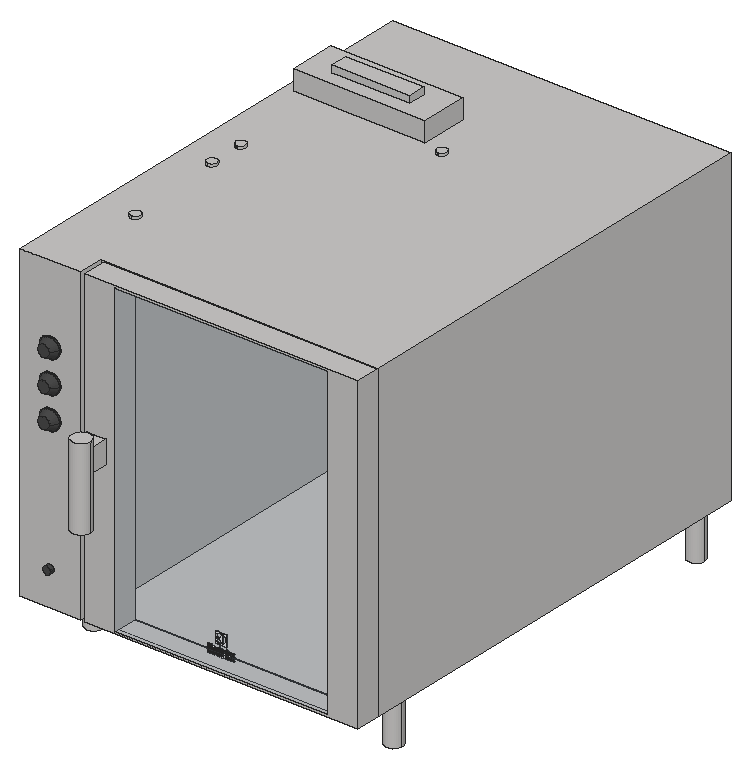
Revit family "QF_ELECTROLUXPROFESSIONAL_260827_EFCG12CSBS", category Attrezzature speciali, Revit 2018
Family settings
  Quota connettore circolare = Usa diametro
  Tipo di parte = Normale
  Basato su piano di lavoro = No
  Sempre verticale = Sì
  Taglio con vuoti quando caricato = No
  Condiviso = No
  Punto di calcolo locali = No
Parameters (values of type "Standard")
  Weight = 154.00 kg
  Watts = 500 W
  Volts = 220 V
  URL Manufacturer = "https://www.electroluxprofessional.com/"
  URL = "https://www.electroluxprofessional.com/"
  Steam Supply Size = 0 mm
  Steam Supply Minimum Pressure = 0.0 Pa
  Steam Supply Maximum Pressure = 0.0 Pa
  Steam Consumption per Hour = 0
  Show Logo [instance] = yes
  Show Clearance [instance] = yes
  Refrigeration Suction Line Size = 0 mm
  Refrigeration Liquid Line Size = 0 mm
  Refrigerant Compressor Remote = yes
  Produttore = "Electrolux Professional"
  Phase = 1
  Modello = "EFCG12CSBS"
  Length Actual = 890 mm  # constant formula
  Item Number = "260827"
  Hot Water Size = 0 mm
  Height Actual = 970 mm  # constant formula
  HP = "0.7 HP"
  Gas Size = 12.7 mm
  Gas KW = 25
  Gas Input Pressure = 0.171871 W
  Direct Waste Size = 25 mm
  Descrizione = "CONVECTION OVEN CW 10 GN 2/1 - GAS - 60HZ"
  Depth Actual = 1215 mm  # constant formula
  Cycle = 60 Hz
  Condensate Return Size = 0 mm
  Compressed Air Volume = 0.0 L/s
  Compressed Air Size = 0 mm
  Compressed Air Pressure = 0.0 Pa
  Cold Water Size = 19.05 mm
  Accessory = yes
Types (2, lengths in mm): name | URL | Produttore | Phase | Modello | Gas Size | Direct Waste Size | Descrizione | Cold Water Size
  (no name) | 0 | 0 | 0 | 0 | 0 | 0 | 0 | 0
  Standard | "https://www.electroluxprofessional.com/" | "Electrolux Professional" | 1 | "EFCG12CSBS" | 12.7 | 25 | "CONVECTION OVEN CW 10 GN 2/1 - GAS - 60HZ" | 19.05
Values of the unnamed type that differ from the named types
  Weight = 0.00 kg
  Watts = 0 W
  Volts = 0 V
  URL Manufacturer = ""
  Item Number = ""
  HP = ""
  Gas KW = 0
  Gas Input Pressure = 0 W
  Cycle = 0 Hz
Reference planes
  plane 1 "Center X": y = -132.649
  plane 2: z = 0
  plane 3 "Center Y": x = -315
  plane 4 "LEFT": x = -760
  plane 5 "BACK": y = 479.851
  plane 6 "RIGHT": x = 130
  plane 7 "FRONT": y = -745.149
  plane 8: x = -710
  plane 9: y = 421.851
  plane 10: y = -680.149
  plane 11: x = 80
  plane 12: y = -1426.149
Forms (mm)
  Extrusion 1, solid, material "QF_Finishes_Stainless Steel"
    sketch origin (0, 0, 950) x (-1, 0, 0) y (0, -1, 0)
      loop
        line (760, -479.851) -> (760, 745.149) -> (600, 745.149) -> (600, 680.149) -> (-130, 680.149) -> (-130, -479.851) -> (760, -479.851)
    from 0 to -820
  Extrusion 2, solid, material "QF_Finishes_Stainless Steel"
    sketch origin (0, -745.149, -670) x (-1, 0, 0) y (0, 0, 1)
      loop
        line (590, 1620) -> (-130, 1620) -> (-130, 800) -> (590, 800) -> (590, 1620)
      loop
        line (510, 1615) -> (-50, 1615) -> (-50, 805) -> (510, 805) -> (510, 1615)
    from 0 to 65
  Extrusion 3, solid, material "QF_Finishes_Glass"
    sketch origin (0, -745.149, -670) x (-1, 0, 0) y (0, 0, 1)
      loop
        line (-50, 1615) -> (-50, 805) -> (510, 805) -> (510, 1615) -> (-50, 1615)
    from 0 to 9.69
  Extrusion 4, void
    sketch origin (-600, -680.149, 950) x (-1, 0, 0) y (0, 0, 1)
      loop
        line (-10, -5) -> (-650, -5) -> (-650, -815) -> (-10, -815) -> (-10, -5)
    from 0 to 1102
  Extrusion 5, solid, material "QF_Finishes_Stainless Steel"
    sketch origin (-32, -391, 955) x (0, -1, 0) y (-1, 0, 0)
      loop
        circle (-265.851, 643) r 13.25
    from 0 to 5
  Extrusion 6, solid, material "QF_Door-Drawer Clearances", visible <- "Show Clearance", detail levels coarse
    sketch origin (0, 0, 950) x (-1, 0, 0) y (0, -1, 0)
      loop
        arc (590, 745.149) -> (362.228, 1225.45) -> (-130, 1426.149) r 734.22
        line (-130, 1426.149) -> (-130, 745.149) -> (590, 745.149)
    from -820 to 0
  Extrusion 7, solid, material "QF_Finishes_Black"
    sketch origin (24, -745.149, -766.676) x (-1, 0, 0) y (0, 0, 1)
      loop
        circle (704, 1512.5) r 26.676
    from 0 to -3
  Blend 8, solid, material "QF_Finishes_Black"
    base sketch origin (-21, -745.149, -766.676) x (1, 0, 0) y (0, 0, 1)
      loop
        circle (-659, 1512.5) r 25
    top sketch origin (-21, -745.149, -766.676) x (1, 0, 0) y (0, 0, 1)
      loop
        circle (-659, 1512.5) r 15
    from 3 to 21.442
  Extrusion 9, solid, material "QF_Finishes_Black"
    sketch origin (24, -745.149, -851.676) x (-1, 0, 0) y (0, 0, 1)
      loop
        circle (704, 1512.5) r 26.676
    from 0 to -3
  Blend 10, solid, material "QF_Finishes_Black"
    base sketch origin (-21, -745.149, -851.676) x (1, 0, 0) y (0, 0, 1)
      loop
        circle (-659, 1512.5) r 25
    top sketch origin (-21, -745.149, -851.676) x (1, 0, 0) y (0, 0, 1)
      loop
        circle (-659, 1512.5) r 15
    from 3 to 21.442
  Extrusion 11, solid, material "QF_Finishes_Black"
    sketch origin (24, -745.149, -936.676) x (-1, 0, 0) y (0, 0, 1)
      loop
        circle (704, 1512.5) r 26.676
    from 0 to -3
  Blend 12, solid, material "QF_Finishes_Black"
    base sketch origin (-21, -745.149, -936.676) x (1, 0, 0) y (0, 0, 1)
      loop
        circle (-659, 1512.5) r 25
    top sketch origin (-21, -745.149, -936.676) x (1, 0, 0) y (0, 0, 1)
      loop
        circle (-659, 1512.5) r 15
    from 3 to 21.442
  Extrusion 13, solid, material "QF_Finishes_Stainless Steel"
    sketch origin (-17, -431, 955) x (0, -1, 0) y (-1, 0, 0)
      loop
        circle (59.149, 643) r 13.25
    from 0 to 5
  Extrusion 14, solid, material "QF_Finishes_Stainless Steel"
    sketch origin (309, 1.5, 955) x (0, -1, 0) y (-1, 0, 0)
      loop
        circle (-108.351, 643) r 13.25
    from 0 to 5
  Extrusion 15, solid, material "QF_Finishes_Stainless Steel"
    sketch origin (0, 0, 575) x (-1, 0, 0) y (0, -1, 0)
      loop
        circle (559.299, 795.149) r 25
    from -193.655 to 20
  Extrusion 16, solid, material "QF_Finishes_Stainless Steel"
    sketch origin (0, 0, 575) x (-1, 0, 0) y (0, -1, 0)
      loop
        line (534.299, 795.149) -> (534.299, 745.149) -> (584.299, 745.149) -> (584.299, 795.149)
        arc (584.299, 795.149) -> (559.299, 770.149) -> (534.299, 795.149) r 25
    from -55.026 to 5
  Extrusion 17, solid, material "QF_Finishes_Black"
    sketch origin (25, -795.149, -1017.5) x (-1, 0, 0) y (0, 0, 1)
      loop
        circle (705.941, 1240.523) r 10
    from 40 to 50
  Extrusion 18, solid, material "QF_Finishes_Stainless Steel"
    sketch origin (-122.755, -56.423, 1620) x (-1, 0, 0) y (0, -1, 0)
      loop
        line (611.245, -302.274) -> (611.245, -178.274) -> (265.245, -178.274) -> (265.245, -302.274) -> (611.245, -302.274)
    from -670 to -619
  Extrusion 19, solid, material "QF_Finishes_Stainless Steel"
    sketch origin (-122.755, -56.423, 1001) x (-1, 0, 0) y (0, -1, 0)
      loop
        line (541.245, -263.274) -> (541.245, -217.274) -> (335.245, -217.274) -> (335.245, -263.274) -> (541.245, -263.274)
    from 0 to 17
  Extrusion 20, solid, material "QF_Finishes_Stainless Steel"
    sketch origin (-32, -486, 955) x (0, -1, 0) y (-1, 0, 0)
      loop
        circle (-265.851, 643) r 13.25
    from 0 to 5
Cuts and joins
  Extrusion 4 cuts Extrusion 2
  Extrusion 4 cuts Extrusion 1
Lines and regions (mm)
  Split face 1
    outline origin (50, -745.149, 135) x (1, 0, 0) y (0, 0, 1)
      loop
        line (-546.223, 92.039) -> (-395, 92.039) -> (-366.716, 120.323) -> (-280, 120.323) -> (-193.284, 120.323) -> (-165, 92.039) -> (-13.777, 92.039) -> (-13.777, 732.039) -> (-546.223, 732.039) -> (-546.223, 92.039)
  Split face 2
    outline origin (-760, -745.149, 950) x (0, 0, -1) y (1, 0, 0)
      loop
        line (5, 15) -> (815, 15) -> (815, 145) -> (5, 145) -> (5, 15)
  Split face 3
    outline origin (-760, -745.149, 950) x (0, 0, -1) y (1, 0, 0)
      loop
        line (50, 15) -> (50, 145)
  Split face 4
    outline origin (-760, -745.149, 950) x (0, 0, -1) y (1, 0, 0)
      loop
        line (770, 15) -> (770, 145)
  Split face 5
    outline origin (-760, -745.149, 950) x (0, 0, -1) y (1, 0, 0)
      loop
        line (447.866, 50) -> (472.866, 50) -> (472.866, 110) -> (447.866, 110) -> (447.866, 50)
  symbolic lines
    curve 1: line (-760, -745.149, 1620) -> (-760, 479.851, 1620)
    curve 2: line (-760, 479.851, 1620) -> (130, 479.851, 1620)
    curve 3: line (-600, -680.149, 1620) -> (130, -680.149, 1620)
    curve 4: line (-600, -680.149, 1620) -> (-600, -745.149, 1620)
    curve 5: line (-760, -745.149, 1620) -> (130, -745.149, 1620)
    curve 6: line (-706.676, -748.149, 1620) -> (-653.324, -748.149, 1620)
    curve 7: line (-695, -766.591, 1620) -> (-665, -766.591, 1620)
    curve 8: line (-706.676, -748.149, 1620) -> (-706.676, -745.149, 1620)
    curve 9: line (-653.324, -748.149, 1620) -> (-653.324, -745.149, 1620)
    curve 10: line (-695, -766.591, 1620) -> (-705, -748.149, 1620)
    curve 11: line (-665, -766.591, 1620) -> (-655.006, -748.149, 1620)
    curve 12: line (130, 479.851, 1620) -> (130, -745.149, 1620)
    curve 14: arc (-534.299, -795.149, 1620) -> (-559.299, -770.149, 1620) -> (-584.299, -795.149, 1620) r 25
    curve 15: arc (-584.299, -795.149, 1620) -> (-559.299, -820.149, 1620) -> (-534.299, -795.149, 1620) r 25
    curve 16: line (-534.299, -795.149, 1620) -> (-534.299, -745.149, 1620)
    curve 17: line (-584.299, -745.149, 1620) -> (-584.299, -795.149, 1620)
    curve 19: line (-734, 245.851, 1620) -> (-388, 245.851, 1620)
    curve 20: line (-734, 121.851, 1620) -> (-734, 245.851, 1620)
    curve 21: line (-388, 121.851, 1620) -> (-734, 121.851, 1620)
    curve 22: line (-388, 245.851, 1620) -> (-388, 121.851, 1620)
    curve 23: line (-664, 206.851, 1620) -> (-458, 206.851, 1620)
    curve 24: line (-664, 160.851, 1620) -> (-664, 206.851, 1620)
    curve 25: line (-458, 160.851, 1620) -> (-664, 160.851, 1620)
    curve 26: line (-458, 206.851, 1620) -> (-458, 160.851, 1620)
  symbolic lines, style "QF_Door-Drawer Clearances"
    curve 13: line (130, -1426.149, 1620) -> (130, -745.149, 1620)
    curve 18: arc (-590, -745.149, 1620) -> (-362.228, -1225.45, 1620) -> (130, -1426.149, 1620) r 734.22
Dimensions and locks
  equal spacing: plane 4 "LEFT", plane 3 "Center Y", plane 6 "RIGHT"
  plane 4 "LEFT" to plane 6 "RIGHT" = 890 mm
  plane 5 "BACK" to plane 7 "FRONT" = 1225 mm
  equal spacing: plane 5 "BACK", plane 1 "Center X", plane 7 "FRONT"
  plane 5 "BACK" to plane 12 = 1906 mm
  Extrusion 6 to level = 130 mm
  Extrusion 6 to level = 950 mm
  aligned and locked: level to plane 2
  aligned and locked: Blend 8 to Extrusion 7
  aligned and locked: Blend 10 to Extrusion 9
  aligned and locked: Blend 12 to Extrusion 11
Automatic sketch dimensions
  Extrusion 1 sketch curve to plane 5 "BACK" = 0 mm
  Extrusion 1 sketch curve to plane 6 "RIGHT" = 0 mm
  Extrusion 1 sketch curve to plane 10 = 0 mm
  Extrusion 1 sketch curve to plane 7 "FRONT" = 0 mm
  Extrusion 1 sketch curve to plane 4 "LEFT" = 0 mm
  plane 8 to Extrusion 1 sketch curve = 110 mm
  Extrusion 2 sketch curve to plane 6 "RIGHT" = 0 mm
  Extrusion 2 sketch curve to plane 11 = 30 mm
  Extrusion 2 sketch curve to plane 3 "Center Y" = 195 mm
  Extrusion 2 sketch curve to Extrusion 2 sketch curve = 80 mm
  level to Extrusion 2 sketch curve = 130 mm
  Extrusion 2 sketch curve to Extrusion 2 sketch curve = 5 mm  (x2)
  Extrusion 2 sketch curve to Extrusion 2 sketch curve = 810 mm
  Extrusion 3 sketch curve to plane 11 = 30 mm
  Extrusion 3 sketch curve to plane 3 "Center Y" = 195 mm  (x2)
  level to Extrusion 3 sketch curve = 135 mm
  Extrusion 3 sketch curve to Extrusion 3 sketch curve = 810 mm
  Extrusion 4 sketch curve to plane 11 = 30 mm
  plane 8 to Extrusion 4 sketch curve = 120 mm
  level to Extrusion 4 sketch curve = 135 mm
  Extrusion 4 sketch curve to Extrusion 4 sketch curve = 810 mm
  Extrusion 5 sketch curve to plane 1 "Center X" = 7.5 mm
  plane 8 to Extrusion 5 sketch curve = 35 mm
  Extrusion 6 sketch curve to plane 6 "RIGHT" = 0 mm
  Extrusion 6 sketch curve to plane 7 "FRONT" = 0 mm
  Extrusion 6 sketch curve to plane 12 = 0 mm
  plane 6 "RIGHT" to Extrusion 6 sketch curve = 12.296 mm
  plane 8 to Extrusion 6 sketch curve = 120 mm
  plane 8 to Extrusion 7 sketch curve = 30 mm
  level to Extrusion 7 sketch curve = 745.824 mm
  Extrusion 2 to Blend 8 sketch curve = 90 mm  (x2)
  Extrusion 2 to Blend 8 sketch curve = 199.176 mm  (x2)
  plane 8 to Extrusion 9 sketch curve = 30 mm
  level to Extrusion 9 sketch curve = 660.824 mm
  Extrusion 2 to Blend 10 sketch curve = 90 mm  (x2)
  Extrusion 2 to Blend 10 sketch curve = 284.176 mm  (x2)
  plane 8 to Extrusion 11 sketch curve = 30 mm
  level to Extrusion 11 sketch curve = 575.824 mm
  Extrusion 2 to Blend 12 sketch curve = 90 mm  (x2)
  Extrusion 2 to Blend 12 sketch curve = 369.176 mm  (x2)
  plane 8 to Extrusion 13 sketch curve = 50 mm
  plane 10 to Extrusion 13 sketch curve = 190 mm
  Extrusion 14 sketch curve to plane 3 "Center Y" = 19 mm
  Extrusion 14 sketch curve to plane 1 "Center X" = 242.5 mm
  Extrusion 15 sketch curve to plane 7 "FRONT" = 50 mm
  plane 8 to Extrusion 15 sketch curve = 150.701 mm
  Extrusion 16 sketch curve to plane 7 "FRONT" = 0 mm
  plane 8 to Extrusion 16 sketch curve = 175.701 mm
  Extrusion 16 sketch curve to Extrusion 16 sketch curve = 25 mm
  Extrusion 16 sketch curve to plane 7 "FRONT" = 50 mm
  Split face 1 sketch curve to Extrusion 3 = 13.777 mm  (x2)
  Split face 1 sketch curve to Split face 1 sketch curve = 151.223 mm
  Split face 1 sketch curve to Split face 1 sketch curve = 28.284 mm  (x3)
  Split face 1 sketch curve to Split face 1 sketch curve = 86.716 mm  (x2)
  Split face 1 sketch curve to Extrusion 3 = 92.039 mm  (x2)
  Split face 1 sketch curve to Extrusion 3 = 77.961 mm
  Split face 2 sketch curve to cut or joined group of Extrusion 1, Extrusion 4 = 5 mm  (x2)
  Split face 2 sketch curve to cut or joined group of Extrusion 1, Extrusion 4 = 15 mm  (x2)
  Split face 3 sketch curve to cut or joined group of Extrusion 1, Extrusion 4 = 15 mm  (x2)
  Split face 3 sketch curve to cut or joined group of Extrusion 1, Extrusion 4 = 50 mm
  Split face 4 sketch curve to cut or joined group of Extrusion 1, Extrusion 4 = 15 mm  (x2)
  Split face 4 sketch curve to cut or joined group of Extrusion 1, Extrusion 4 = 50 mm
  Split face 5 sketch curve to cut or joined group of Extrusion 1, Extrusion 4 = 50 mm  (x2)
  Split face 5 sketch curve to cut or joined group of Extrusion 1, Extrusion 4 = 372.134 mm
  Split face 5 sketch curve to Split face 5 sketch curve = 25 mm
  plane 8 to Extrusion 17 sketch curve = 29.059 mm
  level to Extrusion 17 sketch curve = 223.023 mm
  Extrusion 18 sketch curve to plane 3 "Center Y" = 73 mm
  Extrusion 18 sketch curve to plane 8 = 24 mm
  Extrusion 18 sketch curve to plane 9 = 176 mm
  Extrusion 18 sketch curve to Extrusion 18 sketch curve = 124 mm
  Extrusion 19 sketch curve to Extrusion 18 = 70 mm  (x2)
  Extrusion 19 sketch curve to Extrusion 18 = 39 mm  (x2)
  plane 8 to Extrusion 20 sketch curve = 35 mm
  plane 1 "Center X" to Extrusion 20 sketch curve = 87.5 mm
  curve 14 to curve 15 = 0 mm  (x2)
  curve 12 to plane 6 "RIGHT" = 0 mm
  curve 16 to plane 7 "FRONT" = 0 mm
  curve 4 to plane 10 = 0 mm
  curve 2 to plane 4 "LEFT" = 0 mm
  curve 1 to plane 5 "BACK" = 0 mm
  curve 18 to plane 12 = 0 mm
  plane 6 "RIGHT" to curve 18 = 12.296 mm
  curve 19 to plane 3 "Center Y" = 73 mm
  curve 19 to curve 26 = 70 mm
  curve 16 to plane 7 "FRONT" = 50 mm
  plane 8 to curve 16 = 175.701 mm
  curve 14 to curve 15 = 25 mm
  curve 17 to curve 4 = 15.701 mm
  curve 6 to plane 7 "FRONT" = 3 mm
  curve 4 to curve 6 = 53.324 mm
  plane 8 to curve 23 = 46 mm
  curve 11 to plane 7 "FRONT" = 21.442 mm
  curve 6 to curve 11 = 11.676 mm
  plane 8 to curve 7 = 15 mm
  plane 8 to curve 8 = 3.324 mm
  curve 20 to plane 8 = 24 mm
  curve 19 to plane 9 = 176 mm
  curve 19 to curve 23 = 39 mm
  curve 23 to curve 25 = 46 mm
  curve 24 to curve 21 = 39 mm
  curve 18 to plane 10 = 11.883 mm
  curve 6 to curve 11 = 1.682 mm
  curve 10 to curve 6 = 1.676 mm
  radius of Extrusion 5 sketch curve = 13.25 mm
  radius of Extrusion 7 sketch curve = 26.676 mm
  radius of Blend 8 sketch curve = 25 mm
  radius of Blend 8 sketch curve = 15 mm
  radius of Extrusion 9 sketch curve = 26.676 mm
  radius of Blend 10 sketch curve = 25 mm
  radius of Blend 10 sketch curve = 15 mm
  radius of Extrusion 11 sketch curve = 26.676 mm
  radius of Blend 12 sketch curve = 25 mm
  radius of Blend 12 sketch curve = 15 mm
  radius of Extrusion 13 sketch curve = 13.25 mm
  radius of Extrusion 14 sketch curve = 13.25 mm
  radius of Extrusion 15 sketch curve = 25 mm
  radius of Extrusion 17 sketch curve = 10 mm
  radius of Extrusion 20 sketch curve = 13.25 mm
Nested families
  nested 1: "Foot" at (-710, -565.149, 0), type "Foot"
    with Ø 22 mm, H 130 mm
  nested 2: "Foot" at (80, -565.149, 0), type "Foot"
    with Ø 22 mm, H 130 mm
  nested 3: "Foot" at (80, 429.851, 0), type "Foot"
    with Ø 22 mm, H 130 mm
  nested 4: "Foot" at (-710, 429.851, 0), type "Foot"
    with Ø 22 mm, H 130 mm
  nested 5: "ELX_Pro_Logo" at (-230, -745.149, 198.512) x (1, 0, 0) z (0, -1, 0), type "ELX_Pro_Logo"
Connectors
  piping at (-334, 109.851, 955), diameter 26.4
    settings: on Extrusion 14, index 6, connector inside diameter 609.6 mm, connector length 0 mm, flow factor 0, pipe flow 0.0 L/s, pressure drop 0.0 Pa, fitting loss kfactor 0, connector angle 0.00°, fixture units 0, engagement length 0 mm, angle of deflection 0.00°, flow configuration 0, flow direction 0, fitting loss method 0, system type 16, joint type 0, gender type 0, connector reference index -1, connector utility 0, adjustable connector no, is connector primary yes, connector description ""
  electrical at (-660, -490.149, 955)
    settings: on Extrusion 13, index 7, voltage 0 V, apparent load 0 VA, apparent load phase1 0 VA, apparent load phase2 0 VA, apparent load phase3 0 VA, power factor 1, load classification "Altro", number of poles 1, system type 30, power factor state 1, is connector primary yes, connector utility no, sub classification motor no, connector description "Electrical"
  piping at (-675, -125.149, 955), diameter 26.4
    settings: on Extrusion 5, index 8, connector inside diameter 609.6 mm, connector length 0 mm, flow factor 0, pipe flow 0.0 L/s, pressure drop 0.0 Pa, fitting loss kfactor 0, connector angle 0.00°, fixture units 0, engagement length 0 mm, angle of deflection 0.00°, flow configuration 0, flow direction 0, fitting loss method 0, system type 20, joint type 0, gender type 0, connector reference index -1, connector utility 0, adjustable connector no, is connector primary no, connector description "Cold Water Inled"
  piping at (-675, -220.149, 955), diameter 26.4
    settings: on Extrusion 20, index 9, connector inside diameter 609.6 mm, connector length 0 mm, flow factor 0, pipe flow 0.0 L/s, pressure drop 0.0 Pa, fitting loss kfactor 0, connector angle 0.00°, fixture units 0, engagement length 0 mm, angle of deflection 0.00°, flow configuration 0, flow direction 0, fitting loss method 0, system type 22, joint type 0, gender type 0, connector reference index -1, connector utility 0, adjustable connector no, is connector primary no, connector description "Gas"
Definition of nested family "Foot"
  Parameters
    Ø [instance] = 20 mm
    H [instance] = 50 mm
  Reference planes
    plane 1 "Centro (Fronte/Retro)": y = 0
    plane 2: z = 0
    plane 3 "Centro (Sinistra/Destra)": x = 0
    plane 4: z = 50
  Forms (mm)
    Revolve 1, solid
      sketch origin (255.05, 0, 608.09) x (0, 0, 1) y (-1, 0, 0)
        loop
          line (-608.09, 255.05) -> (-608.09, 235.05) -> (-558.09, 235.05) -> (-558.09, 255.05) -> (-608.09, 255.05)
        axis (-608.09, 255.05) -> (-558.09, 255.05)
      angle from 0 to 360
  Dimensions and locks
    "H": plane 4 to plane 2
    "Ø": Revolve 1 sketch curve to Revolve 1 sketch curve
    aligned and locked: level to plane 2
    aligned and locked: plane 4 to Revolve 1 sketch curve
    aligned and locked: Revolve 1 sketch curve to level
    aligned and locked: plane 3 "Centro (Sinistra/Destra)" to Revolve 1 sketch curve
  Automatic sketch dimensions
    Revolve 1 sketch curve to plane 3 "Centro (Sinistra/Destra)" = 0 mm
    Revolve 1 sketch curve to Revolve 1 sketch curve = 50 mm
    Revolve 1 sketch curve to Revolve 1 sketch curve = 20 mm
Definition of nested family "ELX_Pro_Logo"
  Parameters (values of type "ELX_Pro_Logo")
    M = none
    Default Elevation = 0 mm
  Reference planes
    plane 1 "Centro (Fronte/Retro)": y = 0
    plane 2: z = 0
    plane 3 "Centro (Sinistra/Destra)": x = 0
  Forms (mm)
    Extrusion 1, solid
      sketch origin (0, 0, 0) x (1, 0, 0) y (0, 1, 0)
        loop
          line (-1219.2, 1219.2) -> (-1219.2, -1219.2) -> (1219.2, -1219.2) -> (1219.2, 1219.2) -> (-1219.2, 1219.2)
      from 0 to -304.8
    Extrusion 2, solid, material <- "M"
      sketch origin (-144.622, -1081.55, 0) x (-1, 0, 0) y (0, -1, 0)
        loop
          line (-111.329, -1069.559) -> (-111.329, -1071.073) -> (-116.048, -1071.073) -> (-116.048, -1072.896) -> (-111.328, -1072.896) -> (-111.328, -1075.549) -> (-116.349, -1075.549) -> (-116.349, -1077.368) -> (-109.396, -1077.368) -> (-109.396, -1073.46) -> (-109.396, -1069.659)
          arc (-109.396, -1069.659) -> (-110.425, -1067.175) -> (-112.909, -1066.146) r 3.513
          line (-112.909, -1066.146) -> (-116.483, -1066.146) -> (-116.483, -1067.963) -> (-112.925, -1067.963)
          arc (-112.925, -1067.963) -> (-111.797, -1068.431) -> (-111.329, -1069.559) r 1.596
        loop
          line (-119.79, -1077.358) -> (-117.856, -1077.358) -> (-117.856, -1072.053) -> (-117.856, -1066.132) -> (-119.79, -1066.132) -> (-119.79, -1072.092) -> (-119.79, -1077.358)
        loop
          line (-122.986, -1069.718) -> (-129.327, -1069.718)
          arc (-129.327, -1069.718) -> (-129.219, -1071.449) -> (-128.497, -1073.026) r 4.757
          arc (-128.497, -1073.026) -> (-125.237, -1074.5) -> (-121.978, -1073.026) r 4.34
          arc (-121.978, -1073.026) -> (-121.072, -1070.207) -> (-121.978, -1067.388) r 4.838
          arc (-121.978, -1067.388) -> (-125.393, -1065.933) -> (-128.809, -1067.388) r 4.737
          line (-128.809, -1067.388) -> (-127.645, -1068.52)
          arc (-127.645, -1068.52) -> (-125.509, -1067.576) -> (-123.374, -1068.52) r 2.888
          arc (-123.374, -1068.52) -> (-123.05, -1069.077) -> (-122.986, -1069.718) r 1.527
        loop
          arc (-127.386, -1071.076) -> (-126.67, -1072.331) -> (-125.331, -1072.872) r 2.201
          arc (-125.331, -1072.872) -> (-123.848, -1072.402) -> (-123.033, -1071.076) r 2.23
          line (-123.033, -1071.076) -> (-127.386, -1071.076)
        loop
          line (-136.862, -1071.886) -> (-138.059, -1073.132)
          arc (-138.059, -1073.132) -> (-130.327, -1070.219) -> (-138.059, -1067.306) r 4.415
          line (-138.059, -1067.306) -> (-136.862, -1068.553)
          arc (-136.862, -1068.553) -> (-132.252, -1070.22) -> (-136.862, -1071.886) r 2.606
        loop
          line (-141.192, -1069.673) -> (-141.192, -1072.494) -> (-142.951, -1072.494) -> (-142.951, -1074.25) -> (-141.195, -1074.25) -> (-141.195, -1077.358) -> (-139.262, -1077.358) -> (-139.262, -1073.332) -> (-139.262, -1069.514)
          arc (-139.262, -1069.514) -> (-140.299, -1066.92) -> (-142.98, -1066.132) r 3.196
          line (-142.98, -1066.132) -> (-142.987, -1067.949)
          arc (-142.987, -1067.949) -> (-141.652, -1068.356) -> (-141.192, -1069.673) r 1.542
        loop
          line (-146.494, -1073.042) -> (-146.494, -1074.25) -> (-144.576, -1074.25) -> (-144.576, -1070.271) -> (-144.576, -1066.132) -> (-146.494, -1066.132) -> (-146.494, -1070.401)
          arc (-146.494, -1070.401) -> (-147.446, -1072.228) -> (-149.489, -1072.494) r 2.229
          line (-149.489, -1072.494) -> (-149.489, -1074.362)
          arc (-149.489, -1074.362) -> (-147.761, -1074.226) -> (-146.494, -1073.042) r 2.627
        loop
          line (-159.833, -1072.246) -> (-159.833, -1066.131) -> (-161.767, -1066.131) -> (-161.767, -1072.17) -> (-161.767, -1077.359) -> (-159.833, -1077.359) -> (-159.833, -1072.246)
        loop
          line (-165.194, -1069.514) -> (-165.194, -1074.25) -> (-163.245, -1074.25) -> (-163.245, -1071.898) -> (-163.245, -1069.098)
          arc (-163.245, -1069.098) -> (-166.96, -1065.769) -> (-170.687, -1069.085) r 3.745
          line (-170.687, -1069.085) -> (-170.687, -1071.898) -> (-170.687, -1074.25) -> (-168.739, -1074.25) -> (-168.739, -1069.514)
          arc (-168.739, -1069.514) -> (-166.967, -1067.742) -> (-165.194, -1069.514) r 1.772
        loop
          line (-174.654, -1070.416) -> (-172.975, -1068.078) -> (-171.578, -1066.131) -> (-173.656, -1066.131) -> (-175.717, -1068.999) -> (-177.779, -1066.131) -> (-179.857, -1066.131) -> (-178, -1068.728) -> (-176.781, -1070.433) -> (-178.29, -1072.488) -> (-179.583, -1074.25) -> (-177.473, -1074.25) -> (-175.717, -1071.818) -> (-173.945, -1074.25) -> (-171.852, -1074.25) -> (-173.052, -1072.608) -> (-174.654, -1070.416)
        loop
          circle (-154.223, -1070.188) r 2.508
        loop
          circle (-154.223, -1070.188) r 4.42
        loop
          line (-110.224, -1058.542) -> (-111.194, -1058.542)
          arc (-111.194, -1058.542) -> (-112.217, -1059.95) -> (-110.924, -1061.114) r 1.3
          line (-110.924, -1061.114) -> (-109.424, -1061.114) -> (-109.424, -1057.223) -> (-110.224, -1057.223) -> (-110.224, -1058.542)
        loop
          line (-110.224, -1060.379) -> (-110.224, -1059.293) -> (-111.03, -1059.293)
          arc (-111.03, -1059.293) -> (-111.43, -1059.836) -> (-111.03, -1060.379) r 0.569
          line (-111.03, -1060.379) -> (-110.224, -1060.379)
        loop
          line (-116.302, -1058.564) -> (-117.128, -1058.564) -> (-117.934, -1057.223) -> (-118.841, -1057.223) -> (-117.833, -1058.884)
          arc (-117.833, -1058.884) -> (-118.214, -1060.282) -> (-117.028, -1061.114) r 1.26
          line (-117.028, -1061.114) -> (-115.503, -1061.114) -> (-115.503, -1057.223) -> (-116.302, -1057.223) -> (-116.302, -1058.564)
        loop
          line (-116.302, -1060.379) -> (-116.302, -1059.293) -> (-117.109, -1059.293)
          arc (-117.109, -1059.293) -> (-117.508, -1059.836) -> (-117.109, -1060.379) r 0.569
          line (-117.109, -1060.379) -> (-116.302, -1060.379)
        loop
          line (-128.923, -1057.223) -> (-129.723, -1057.223) -> (-129.723, -1058.714) -> (-131.187, -1058.714) -> (-131.187, -1059.514) -> (-129.723, -1059.514) -> (-129.723, -1060.314) -> (-131.327, -1060.314) -> (-131.327, -1061.114) -> (-128.923, -1061.114) -> (-128.923, -1057.223)
        loop
          arc (-134.628, -1058.469) -> (-134.992, -1057.588) -> (-135.874, -1057.223) r 1.246
          line (-135.874, -1057.223) -> (-137.13, -1057.223) -> (-137.13, -1058.023) -> (-135.969, -1058.023)
          arc (-135.969, -1058.023) -> (-135.53, -1058.237) -> (-135.427, -1058.714) r 0.558
          line (-135.427, -1058.714) -> (-136.984, -1058.714) -> (-136.984, -1059.514) -> (-135.427, -1059.514) -> (-135.427, -1060.314) -> (-137.092, -1060.314) -> (-137.092, -1061.114) -> (-134.628, -1061.114) -> (-134.628, -1058.469)
        loop
          line (-152.3, -1057.223) -> (-153.1, -1057.223) -> (-153.1, -1061.114) -> (-152.3, -1061.114) -> (-152.3, -1057.223)
        loop
          line (-164.67, -1057.223) -> (-164.67, -1059.67) -> (-166.45, -1057.223) -> (-167.25, -1057.223) -> (-167.25, -1061.114) -> (-166.42, -1061.114) -> (-166.42, -1058.594) -> (-164.64, -1061.114) -> (-163.84, -1061.114) -> (-163.84, -1057.223) -> (-164.67, -1057.223)
        loop
          line (-170.403, -1057.223) -> (-171.262, -1057.223) -> (-171.641, -1058.063) -> (-173.08, -1058.063) -> (-173.459, -1057.223) -> (-174.317, -1057.223) -> (-172.796, -1061.113) -> (-171.996, -1061.113) -> (-170.403, -1057.223)
        loop
          line (-177.493, -1057.223) -> (-179.789, -1057.223) -> (-179.789, -1058.023) -> (-178.293, -1058.023) -> (-178.293, -1061.114) -> (-177.493, -1061.114) -> (-177.493, -1057.223)
        loop
          line (-172.362, -1059.848) -> (-171.945, -1058.83) -> (-172.76, -1058.83) -> (-172.362, -1059.848)
        loop
          circle (-158.484, -1059.145) r 1.288
        loop
          circle (-158.484, -1059.145) r 2.065
        loop
          arc (-146.04, -1058.095) -> (-146.933, -1057.275) -> (-148.145, -1057.245) r 1.725
          arc (-148.145, -1057.245) -> (-148.965, -1058.02) -> (-148.68, -1059.111) r 1.107
          arc (-148.68, -1059.111) -> (-148.103, -1059.465) -> (-147.486, -1059.746) r 5.523
          arc (-147.486, -1059.746) -> (-147.147, -1060.262) -> (-147.708, -1060.52) r 0.407
          arc (-147.708, -1060.52) -> (-148.045, -1060.315) -> (-148.325, -1060.038) r 1.702
          line (-148.325, -1060.038) -> (-149.011, -1060.45)
          arc (-149.011, -1060.45) -> (-148.578, -1060.911) -> (-148.043, -1061.247) r 2.463
          arc (-148.043, -1061.247) -> (-146.373, -1060.466) -> (-147.42, -1058.949) r 1.207
          spline (-147.42, -1058.949) -> (-147.716, -1058.809) -> (-147.932, -1058.678) -> (-148.077, -1058.557) -> (-148.163, -1058.446) -> (-148.198, -1058.347) -> (-148.192, -1058.258) -> (-148.157, -1058.182) -> (-148.102, -1058.118) -> (-148.037, -1058.068) -> (-147.972, -1058.031) -> (-147.917, -1058.008) -> (-147.883, -1058)
          arc (-147.883, -1058) -> (-147.238, -1058.014) -> (-146.759, -1058.446) r 0.925
          line (-146.759, -1058.446) -> (-146.04, -1058.095)
        loop
          arc (-140.18, -1058.095) -> (-141.073, -1057.275) -> (-142.285, -1057.245) r 1.725
          arc (-142.285, -1057.245) -> (-143.106, -1058.02) -> (-142.821, -1059.111) r 1.107
          arc (-142.821, -1059.111) -> (-142.243, -1059.465) -> (-141.627, -1059.746) r 5.523
          arc (-141.627, -1059.746) -> (-141.287, -1060.262) -> (-141.849, -1060.52) r 0.407
          arc (-141.849, -1060.52) -> (-142.185, -1060.315) -> (-142.466, -1060.038) r 1.702
          line (-142.466, -1060.038) -> (-143.151, -1060.45)
          arc (-143.151, -1060.45) -> (-142.719, -1060.911) -> (-142.183, -1061.247) r 2.463
          arc (-142.183, -1061.247) -> (-140.513, -1060.466) -> (-141.56, -1058.949) r 1.207
          spline (-141.56, -1058.949) -> (-141.856, -1058.809) -> (-142.072, -1058.678) -> (-142.218, -1058.557) -> (-142.303, -1058.446) -> (-142.338, -1058.347) -> (-142.333, -1058.258) -> (-142.298, -1058.182) -> (-142.242, -1058.118) -> (-142.177, -1058.068) -> (-142.112, -1058.031) -> (-142.057, -1058.008) -> (-142.023, -1058)
          arc (-142.023, -1058) -> (-141.378, -1058.014) -> (-140.9, -1058.446) r 0.925
          line (-140.9, -1058.446) -> (-140.18, -1058.095)
        loop
          circle (-123.484, -1059.145) r 1.288
        loop
          circle (-123.484, -1059.145) r 2.065
        loop
          line (-130.225, -1113.361) -> (-130.225, -1084.645) -> (-158.979, -1084.645) -> (-158.979, -1113.361) -> (-130.225, -1113.361)
        loop
          arc (-148.442, -1086.055) -> (-157.992, -1098.973) -> (-148.442, -1111.892) r 13.512
          line (-148.442, -1111.892) -> (-148.442, -1086.055)
        loop
          line (-147.127, -1086.055) -> (-147.127, -1087.926)
          arc (-147.127, -1087.926) -> (-143.116, -1095.125) -> (-135.48, -1098.224) r 12.412
          line (-135.48, -1098.224) -> (-131.205, -1098.224)
          arc (-131.205, -1098.224) -> (-136.382, -1088.497) -> (-147.127, -1086.055) r 13.242
        loop
          line (-147.127, -1110.021) -> (-147.127, -1112.224)
          arc (-147.127, -1112.224) -> (-136.374, -1109.53) -> (-131.205, -1099.722) r 13.588
          line (-131.205, -1099.722) -> (-135.48, -1099.722)
          arc (-135.48, -1099.722) -> (-143.116, -1102.822) -> (-147.127, -1110.021) r 12.412
      from 0 to 1.6
  Lines and regions (mm)
    symbolic lines
      curve 1: line (-14.357, 31.811, 0) -> (14.357, 31.811, 0)
      curve 2: line (-14.357, 3.095, 0) -> (-14.357, 31.811, 0)
      curve 3: line (14.357, 3.095, 0) -> (-14.357, 3.095, 0)
      curve 4: line (14.357, 31.811, 0) -> (14.357, 3.095, 0)
      curve 5: line (-8.32, 7.722, 0) -> (-9.387, 8.738, 0)
      curve 6: line (-9.387, 8.738, 0) -> (-10.331, 9.866, 0)
      curve 7: line (-10.331, 9.866, 0) -> (-11.141, 11.095, 0)
      curve 8: line (-11.141, 11.095, 0) -> (-11.805, 12.411, 0)
      curve 9: line (-11.805, 12.411, 0) -> (-12.31, 13.803, 0)
      curve 10: line (-12.31, 13.803, 0) -> (-12.646, 15.26, 0)
      curve 11: line (-12.646, 15.26, 0) -> (-12.8, 16.77, 0)
      curve 12: line (-12.8, 16.77, 0) -> (-10.081, 16.77, 0)
      curve 13: line (-10.081, 16.77, 0) -> (-8.466, 16.661, 0)
      curve 14: line (-8.466, 16.661, 0) -> (-6.88, 16.344, 0)
      curve 15: line (-6.88, 16.344, 0) -> (-5.345, 15.833, 0)
      curve 16: line (-5.345, 15.833, 0) -> (-3.882, 15.143, 0)
      curve 17: line (-3.882, 15.143, 0) -> (-2.511, 14.288, 0)
      curve 18: line (-2.511, 14.288, 0) -> (-1.255, 13.283, 0)
      curve 19: line (-1.255, 13.283, 0) -> (-0.135, 12.143, 0)
      curve 20: line (-0.135, 12.143, 0) -> (0.83, 10.882, 0)
      curve 21: line (0.83, 10.882, 0) -> (1.616, 9.515, 0)
      curve 22: arc (1.616, 9.515, 0) -> (2.419, 7.28, 0) -> (2.7, 4.923, 0) r 10.532
      curve 23: arc (2.7, 4.923, 0) -> (1.362, 4.715, 0) -> (0.011, 4.633, 0) r 14.39
      curve 24: line (0.011, 4.633, 0) -> (-1.56, 4.731, 0)
      curve 25: line (-1.56, 4.731, 0) -> (-3.062, 5.011, 0)
      curve 26: line (-3.062, 5.011, 0) -> (-4.502, 5.462, 0)
      curve 27: line (-4.502, 5.462, 0) -> (-5.866, 6.072, 0)
      curve 28: line (-5.866, 6.072, 0) -> (-7.142, 6.829, 0)
      curve 29: line (-7.142, 6.829, 0) -> (-8.32, 7.722, 0)
      curve 30: line (-10.802, 24.24, 0) -> (-9.872, 25.531, 0)
      curve 31: line (-9.872, 25.531, 0) -> (-8.796, 26.699, 0)
      curve 32: line (-8.796, 26.699, 0) -> (-7.587, 27.728, 0)
      curve 33: line (-7.587, 27.728, 0) -> (-6.258, 28.602, 0)
      curve 34: line (-6.258, 28.602, 0) -> (-4.823, 29.309, 0)
      curve 35: line (-4.823, 29.309, 0) -> (-3.293, 29.832, 0)
      curve 36: line (-3.293, 29.832, 0) -> (-1.683, 30.156, 0)
      curve 37: arc (-1.683, 30.156, 0) -> (0.517, 30.256, 0) -> (2.702, 29.984, 0) r 13.008
      curve 38: arc (2.702, 29.984, 0) -> (2.453, 27.616, 0) -> (1.617, 25.387, 0) r 9.395
      curve 39: line (1.617, 25.387, 0) -> (0.83, 24.018, 0)
      curve 40: line (0.83, 24.018, 0) -> (-0.134, 22.756, 0)
      curve 41: line (-0.134, 22.756, 0) -> (-1.255, 21.615, 0)
      curve 42: line (-1.255, 21.615, 0) -> (-2.512, 20.609, 0)
      curve 43: line (-2.512, 20.609, 0) -> (-3.882, 19.754, 0)
      curve 44: line (-3.882, 19.754, 0) -> (-5.346, 19.063, 0)
      curve 45: line (-5.346, 19.063, 0) -> (-6.881, 18.551, 0)
      curve 46: line (-6.881, 18.551, 0) -> (-8.467, 18.234, 0)
      curve 47: line (-8.467, 18.234, 0) -> (-10.083, 18.125, 0)
      curve 48: line (-10.083, 18.125, 0) -> (-12.798, 18.125, 0)
      curve 49: line (-12.798, 18.125, 0) -> (-12.584, 19.768, 0)
      curve 50: line (-12.584, 19.768, 0) -> (-12.171, 21.343, 0)
      curve 51: line (-12.171, 21.343, 0) -> (-11.572, 22.839, 0)
      curve 52: line (-11.572, 22.839, 0) -> (-10.802, 24.24, 0)
      curve 53: line (4.048, 5.294, 0) -> (4.048, 29.617, 0)
      curve 54: line (4.048, 29.617, 0) -> (5.525, 29.026, 0)
      curve 55: line (5.525, 29.026, 0) -> (6.905, 28.26, 0)
      curve 56: line (6.905, 28.26, 0) -> (8.174, 27.332, 0)
      curve 57: line (8.174, 27.332, 0) -> (9.318, 26.256, 0)
      curve 58: line (9.318, 26.256, 0) -> (10.323, 25.046, 0)
      curve 59: line (10.323, 25.046, 0) -> (11.177, 23.715, 0)
      curve 60: line (11.177, 23.715, 0) -> (11.865, 22.277, 0)
      curve 61: line (11.865, 22.277, 0) -> (12.375, 20.746, 0)
      curve 62: line (12.375, 20.746, 0) -> (12.693, 19.135, 0)
      curve 63: line (12.693, 19.135, 0) -> (12.804, 17.459, 0)
      curve 64: line (12.804, 17.459, 0) -> (12.702, 15.807, 0)
      curve 65: line (12.702, 15.807, 0) -> (12.396, 14.216, 0)
      curve 66: line (12.396, 14.216, 0) -> (11.897, 12.7, 0)
      curve 67: line (11.897, 12.7, 0) -> (11.218, 11.271, 0)
      curve 68: line (11.218, 11.271, 0) -> (10.372, 9.944, 0)
      curve 69: line (10.372, 9.944, 0) -> (9.37, 8.731, 0)
      curve 70: line (9.37, 8.731, 0) -> (8.224, 7.646, 0)
      curve 71: line (8.224, 7.646, 0) -> (6.947, 6.703, 0)
      curve 72: line (6.947, 6.703, 0) -> (5.551, 5.914, 0)
      curve 73: line (5.551, 5.914, 0) -> (4.048, 5.294, 0)
      curve 74: line (-35.227, -8.09, 0) -> (-35.227, -11.891, 0)
      curve 75: arc (-35.227, -11.891, 0) -> (-34.198, -14.375, 0) -> (-31.714, -15.404, 0) r 3.513
      curve 76: line (-31.714, -15.404, 0) -> (-28.139, -15.404, 0)
      curve 77: line (-28.139, -15.404, 0) -> (-28.139, -13.587, 0)
      curve 78: line (-28.139, -13.587, 0) -> (-31.697, -13.587, 0)
      curve 79: arc (-31.697, -13.587, 0) -> (-32.826, -13.119, 0) -> (-33.293, -11.991, 0) r 1.596
      curve 80: line (-33.293, -11.991, 0) -> (-33.293, -10.477, 0)
      curve 81: line (-33.293, -10.477, 0) -> (-28.574, -10.477, 0)
      curve 82: line (-28.574, -10.477, 0) -> (-28.574, -8.654, 0)
      curve 83: line (-28.574, -8.654, 0) -> (-33.294, -8.654, 0)
      curve 84: line (-33.294, -8.654, 0) -> (-33.294, -6.001, 0)
      curve 85: line (-33.294, -6.001, 0) -> (-28.273, -6.001, 0)
      curve 86: line (-28.273, -6.001, 0) -> (-28.273, -4.182, 0)
      curve 87: line (-28.273, -4.182, 0) -> (-35.227, -4.182, 0)
      curve 88: line (-35.227, -4.182, 0) -> (-35.227, -8.09, 0)
      curve 89: line (-24.833, -9.458, 0) -> (-24.833, -4.192, 0)
      curve 90: line (-24.833, -4.192, 0) -> (-26.766, -4.192, 0)
      curve 91: line (-26.766, -4.192, 0) -> (-26.766, -9.497, 0)
      curve 92: line (-26.766, -9.497, 0) -> (-26.766, -15.418, 0)
      curve 93: line (-26.766, -15.418, 0) -> (-24.833, -15.418, 0)
      curve 94: line (-24.833, -15.418, 0) -> (-24.833, -9.458, 0)
      curve 95: arc (-16.125, -8.524, 0) -> (-19.385, -7.05, 0) -> (-22.645, -8.524, 0) r 4.34
      curve 96: arc (-22.645, -8.524, 0) -> (-23.551, -11.343, 0) -> (-22.645, -14.162, 0) r 4.838
      curve 97: arc (-22.645, -14.162, 0) -> (-19.229, -15.617, 0) -> (-15.813, -14.162, 0) r 4.737
      curve 98: line (-15.813, -14.162, 0) -> (-16.978, -13.03, 0)
      curve 99: arc (-16.978, -13.03, 0) -> (-19.113, -13.974, 0) -> (-21.249, -13.03, 0) r 2.888
      curve 100: arc (-21.249, -13.03, 0) -> (-21.572, -12.473, 0) -> (-21.637, -11.832, 0) r 1.527
      curve 101: line (-21.637, -11.832, 0) -> (-15.295, -11.832, 0)
      curve 102: arc (-15.295, -11.832, 0) -> (-15.404, -10.101, 0) -> (-16.125, -8.524, 0) r 4.757
      curve 103: line (-17.236, -10.474, 0) -> (-21.589, -10.474, 0)
      curve 104: arc (-21.589, -10.474, 0) -> (-20.774, -9.148, 0) -> (-19.291, -8.678, 0) r 2.23
      curve 105: arc (-19.291, -8.678, 0) -> (-17.952, -9.219, 0) -> (-17.236, -10.474, 0) r 2.201
      curve 106: arc (-6.563, -8.418, 0) -> (-14.295, -11.331, 0) -> (-6.563, -14.244, 0) r 4.415
      curve 107: line (-6.563, -14.244, 0) -> (-7.761, -12.997, 0)
      curve 108: arc (-7.761, -12.997, 0) -> (-12.371, -11.33, 0) -> (-7.761, -9.664, 0) r 2.606
      curve 109: line (-7.761, -9.664, 0) -> (-6.563, -8.418, 0)
      curve 110: line (-5.361, -4.192, 0) -> (-5.361, -8.218, 0)
      curve 111: line (-5.361, -8.218, 0) -> (-5.361, -12.036, 0)
      curve 112: arc (-5.361, -12.036, 0) -> (-4.323, -14.63, 0) -> (-1.642, -15.418, 0) r 3.196
      curve 113: line (-1.642, -15.418, 0) -> (-1.636, -13.601, 0)
      curve 114: arc (-1.636, -13.601, 0) -> (-2.97, -13.194, 0) -> (-3.43, -11.877, 0) r 1.542
      curve 115: line (-3.43, -11.877, 0) -> (-3.43, -9.056, 0)
      curve 116: line (-3.43, -9.056, 0) -> (-1.672, -9.056, 0)
      curve 117: line (-1.672, -9.056, 0) -> (-1.672, -7.299, 0)
      curve 118: line (-1.672, -7.299, 0) -> (-3.427, -7.299, 0)
      curve 119: line (-3.427, -7.299, 0) -> (-3.427, -4.192, 0)
      curve 120: line (-3.427, -4.192, 0) -> (-5.361, -4.192, 0)
      curve 121: line (1.872, -7.3, 0) -> (-0.046, -7.3, 0)
      curve 122: line (-0.046, -7.3, 0) -> (-0.046, -11.279, 0)
      curve 123: line (-0.046, -11.279, 0) -> (-0.046, -15.418, 0)
      curve 124: line (-0.046, -15.418, 0) -> (1.872, -15.418, 0)
      curve 125: line (1.872, -15.418, 0) -> (1.872, -11.149, 0)
      curve 126: arc (1.872, -11.149, 0) -> (2.824, -9.322, 0) -> (4.867, -9.056, 0) r 2.229
      curve 127: line (4.867, -9.056, 0) -> (4.867, -7.188, 0)
      curve 128: arc (4.867, -7.188, 0) -> (3.138, -7.324, 0) -> (1.872, -8.508, 0) r 2.627
      curve 129: line (1.872, -8.508, 0) -> (1.872, -7.3, 0)
      curve 130: arc (7.092, -11.362, 0) -> (9.601, -8.854, 0) -> (12.109, -11.362, 0) r 2.508
      curve 131: arc (12.109, -11.362, 0) -> (9.601, -13.871, 0) -> (7.092, -11.362, 0) r 2.508
      curve 132: arc (5.18, -11.362, 0) -> (9.601, -15.783, 0) -> (14.021, -11.362, 0) r 4.42
      curve 133: arc (14.021, -11.362, 0) -> (9.601, -6.942, 0) -> (5.18, -11.362, 0) r 4.42
      curve 134: line (15.211, -4.191, 0) -> (15.211, -9.304, 0)
      curve 135: line (15.211, -9.304, 0) -> (15.211, -15.419, 0)
      curve 136: line (15.211, -15.419, 0) -> (17.145, -15.419, 0)
      curve 137: line (17.145, -15.419, 0) -> (17.145, -9.38, 0)
      curve 138: line (17.145, -9.38, 0) -> (17.145, -4.191, 0)
      curve 139: line (17.145, -4.191, 0) -> (15.211, -4.191, 0)
      curve 140: line (18.622, -7.299, 0) -> (18.622, -9.652, 0)
      curve 141: line (18.622, -9.652, 0) -> (18.622, -12.452, 0)
      curve 142: arc (18.622, -12.452, 0) -> (22.338, -15.781, 0) -> (26.064, -12.465, 0) r 3.745
      curve 143: line (26.064, -12.465, 0) -> (26.064, -9.652, 0)
      curve 144: line (26.064, -9.652, 0) -> (26.064, -7.299, 0)
      curve 145: line (26.064, -7.299, 0) -> (24.116, -7.299, 0)
      curve 146: line (24.116, -7.299, 0) -> (24.116, -12.036, 0)
      curve 147: arc (24.116, -12.036, 0) -> (22.344, -13.808, 0) -> (20.572, -12.036, 0) r 1.772
      curve 148: line (20.572, -12.036, 0) -> (20.572, -7.299, 0)
      curve 149: line (20.572, -7.299, 0) -> (18.622, -7.299, 0)
      curve 150: line (28.43, -8.942, 0) -> (30.032, -11.134, 0)
      curve 151: line (30.032, -11.134, 0) -> (28.353, -13.472, 0)
      curve 152: line (28.353, -13.472, 0) -> (26.955, -15.419, 0)
      curve 153: line (26.955, -15.419, 0) -> (29.033, -15.419, 0)
      curve 154: line (29.033, -15.419, 0) -> (31.095, -12.551, 0)
      curve 155: line (31.095, -12.551, 0) -> (33.156, -15.419, 0)
      curve 156: line (33.156, -15.419, 0) -> (35.234, -15.419, 0)
      curve 157: line (35.234, -15.419, 0) -> (33.378, -12.822, 0)
      curve 158: line (33.378, -12.822, 0) -> (32.158, -11.117, 0)
      curve 159: line (32.158, -11.117, 0) -> (33.668, -9.062, 0)
      curve 160: line (33.668, -9.062, 0) -> (34.961, -7.3, 0)
      curve 161: line (34.961, -7.3, 0) -> (32.851, -7.3, 0)
      curve 162: line (32.851, -7.3, 0) -> (31.095, -9.732, 0)
      curve 163: line (31.095, -9.732, 0) -> (29.323, -7.3, 0)
      curve 164: line (29.323, -7.3, 0) -> (27.23, -7.3, 0)
      curve 165: line (27.23, -7.3, 0) -> (28.43, -8.942, 0)
      curve 166: line (-35.198, -20.436, 0) -> (-35.198, -24.327, 0)
      curve 167: line (-35.198, -24.327, 0) -> (-34.398, -24.327, 0)
      curve 168: line (-34.398, -24.327, 0) -> (-34.398, -23.008, 0)
      curve 169: line (-34.398, -23.008, 0) -> (-33.428, -23.008, 0)
      curve 170: arc (-33.428, -23.008, 0) -> (-32.405, -21.6, 0) -> (-33.699, -20.436, 0) r 1.3
      curve 171: line (-33.699, -20.436, 0) -> (-35.198, -20.436, 0)
      curve 172: line (-34.398, -22.257, 0) -> (-34.398, -21.171, 0)
      curve 173: line (-34.398, -21.171, 0) -> (-33.592, -21.171, 0)
      curve 174: arc (-33.592, -21.171, 0) -> (-33.192, -21.714, 0) -> (-33.592, -22.257, 0) r 0.569
      curve 175: line (-33.592, -22.257, 0) -> (-34.398, -22.257, 0)
      curve 176: line (-29.12, -20.436, 0) -> (-29.12, -24.327, 0)
      curve 177: line (-29.12, -24.327, 0) -> (-28.32, -24.327, 0)
      curve 178: line (-28.32, -24.327, 0) -> (-28.32, -22.986, 0)
      curve 179: line (-28.32, -22.986, 0) -> (-27.494, -22.986, 0)
      curve 180: line (-27.494, -22.986, 0) -> (-26.688, -24.327, 0)
      curve 181: line (-26.688, -24.327, 0) -> (-25.781, -24.327, 0)
      curve 182: line (-25.781, -24.327, 0) -> (-26.789, -22.666, 0)
      curve 183: arc (-26.789, -22.666, 0) -> (-26.409, -21.268, 0) -> (-27.594, -20.436, 0) r 1.26
      curve 184: line (-27.594, -20.436, 0) -> (-29.12, -20.436, 0)
      curve 185: line (-28.32, -22.257, 0) -> (-28.32, -21.171, 0)
      curve 186: line (-28.32, -21.171, 0) -> (-27.514, -21.171, 0)
      curve 187: arc (-27.514, -21.171, 0) -> (-27.114, -21.714, 0) -> (-27.514, -22.257, 0) r 0.569
      curve 188: line (-27.514, -22.257, 0) -> (-28.32, -22.257, 0)
      curve 189: arc (-22.427, -22.405, 0) -> (-21.138, -21.117, 0) -> (-19.85, -22.405, 0) r 1.288
      curve 190: arc (-19.85, -22.405, 0) -> (-21.138, -23.694, 0) -> (-22.427, -22.405, 0) r 1.288
      curve 191: arc (-23.203, -22.405, 0) -> (-21.138, -24.47, 0) -> (-19.074, -22.405, 0) r 2.065
      curve 192: arc (-19.074, -22.405, 0) -> (-21.138, -20.34, 0) -> (-23.203, -22.405, 0) r 2.065
      curve 193: line (-15.7, -20.436, 0) -> (-15.7, -24.327, 0)
      curve 194: line (-15.7, -24.327, 0) -> (-14.9, -24.327, 0)
      curve 195: line (-14.9, -24.327, 0) -> (-14.9, -22.836, 0)
      curve 196: line (-14.9, -22.836, 0) -> (-13.436, -22.836, 0)
      curve 197: line (-13.436, -22.836, 0) -> (-13.436, -22.036, 0)
      curve 198: line (-13.436, -22.036, 0) -> (-14.9, -22.036, 0)
      curve 199: line (-14.9, -22.036, 0) -> (-14.9, -21.236, 0)
      curve 200: line (-14.9, -21.236, 0) -> (-13.295, -21.236, 0)
      curve 201: line (-13.295, -21.236, 0) -> (-13.295, -20.436, 0)
      curve 202: line (-13.295, -20.436, 0) -> (-15.7, -20.436, 0)
      curve 203: line (-9.995, -20.436, 0) -> (-9.995, -23.081, 0)
      curve 204: arc (-9.995, -23.081, 0) -> (-9.63, -23.962, 0) -> (-8.749, -24.327, 0) r 1.246
      curve 205: line (-8.749, -24.327, 0) -> (-7.492, -24.327, 0)
      curve 206: line (-7.492, -24.327, 0) -> (-7.492, -23.527, 0)
      curve 207: line (-7.492, -23.527, 0) -> (-8.653, -23.527, 0)
      curve 208: arc (-8.653, -23.527, 0) -> (-9.092, -23.313, 0) -> (-9.195, -22.836, 0) r 0.558
      curve 209: line (-9.195, -22.836, 0) -> (-7.639, -22.836, 0)
      curve 210: line (-7.639, -22.836, 0) -> (-7.639, -22.036, 0)
      curve 211: line (-7.639, -22.036, 0) -> (-9.195, -22.036, 0)
      curve 212: line (-9.195, -22.036, 0) -> (-9.195, -21.236, 0)
      curve 213: line (-9.195, -21.236, 0) -> (-7.53, -21.236, 0)
      curve 214: line (-7.53, -21.236, 0) -> (-7.53, -20.436, 0)
      curve 215: line (-7.53, -20.436, 0) -> (-9.995, -20.436, 0)
      curve 216: arc (-4.442, -23.455, 0) -> (-3.549, -24.275, 0) -> (-2.337, -24.305, 0) r 1.725
      curve 217: arc (-2.337, -24.305, 0) -> (-1.517, -23.53, 0) -> (-1.802, -22.439, 0) r 1.107
      curve 218: arc (-1.802, -22.439, 0) -> (-2.379, -22.085, 0) -> (-2.996, -21.804, 0) r 5.523
      curve 219: arc (-2.996, -21.804, 0) -> (-3.336, -21.288, 0) -> (-2.774, -21.03, 0) r 0.407
      curve 220: arc (-2.774, -21.03, 0) -> (-2.437, -21.235, 0) -> (-2.157, -21.512, 0) r 1.702
      curve 221: line (-2.157, -21.512, 0) -> (-1.471, -21.1, 0)
      curve 222: arc (-1.471, -21.1, 0) -> (-1.904, -20.639, 0) -> (-2.44, -20.303, 0) r 2.463
      curve 223: arc (-2.44, -20.303, 0) -> (-4.109, -21.084, 0) -> (-3.062, -22.601, 0) r 1.207
      curve 224: line (-3.062, -22.601, 0) -> (-2.6, -23.549, 0)
      curve 225: arc (-2.6, -23.549, 0) -> (-3.244, -23.536, 0) -> (-3.723, -23.104, 0) r 0.925
      curve 226: line (-3.723, -23.104, 0) -> (-4.442, -23.455, 0)
      curve 227: arc (1.418, -23.455, 0) -> (2.311, -24.275, 0) -> (3.523, -24.305, 0) r 1.725
      curve 228: arc (3.523, -24.305, 0) -> (4.343, -23.53, 0) -> (4.058, -22.439, 0) r 1.107
      curve 229: arc (4.058, -22.439, 0) -> (3.48, -22.085, 0) -> (2.864, -21.804, 0) r 5.523
      curve 230: arc (2.864, -21.804, 0) -> (2.524, -21.288, 0) -> (3.086, -21.03, 0) r 0.407
      curve 231: arc (3.086, -21.03, 0) -> (3.423, -21.235, 0) -> (3.703, -21.512, 0) r 1.702
      curve 232: line (3.703, -21.512, 0) -> (4.389, -21.1, 0)
      curve 233: arc (4.389, -21.1, 0) -> (3.956, -20.639, 0) -> (3.42, -20.303, 0) r 2.463
      curve 234: arc (3.42, -20.303, 0) -> (1.75, -21.084, 0) -> (2.798, -22.601, 0) r 1.207
      curve 235: line (2.798, -22.601, 0) -> (3.26, -23.549, 0)
      curve 236: arc (3.26, -23.549, 0) -> (2.616, -23.536, 0) -> (2.137, -23.104, 0) r 0.925
      curve 237: line (2.137, -23.104, 0) -> (1.418, -23.455, 0)
      curve 238: line (7.678, -24.327, 0) -> (8.478, -24.327, 0)
      curve 239: line (8.478, -24.327, 0) -> (8.478, -20.436, 0)
      curve 240: line (8.478, -20.436, 0) -> (7.678, -20.436, 0)
      curve 241: line (7.678, -20.436, 0) -> (7.678, -24.327, 0)
      curve 242: arc (11.797, -22.405, 0) -> (13.862, -24.47, 0) -> (15.926, -22.405, 0) r 2.065
      curve 243: arc (15.15, -22.405, 0) -> (13.862, -23.694, 0) -> (12.573, -22.405, 0) r 1.288
      curve 244: arc (12.573, -22.405, 0) -> (13.862, -21.117, 0) -> (15.15, -22.405, 0) r 1.288
      curve 245: arc (15.926, -22.405, 0) -> (13.862, -20.34, 0) -> (11.797, -22.405, 0) r 2.065
      curve 246: line (19.217, -20.436, 0) -> (19.217, -24.327, 0)
      curve 247: line (19.217, -24.327, 0) -> (20.048, -24.327, 0)
      curve 248: line (20.048, -24.327, 0) -> (20.048, -21.88, 0)
      curve 249: line (20.048, -21.88, 0) -> (21.828, -24.327, 0)
      curve 250: line (21.828, -24.327, 0) -> (22.628, -24.327, 0)
      curve 251: line (22.628, -24.327, 0) -> (22.628, -20.436, 0)
      curve 252: line (22.628, -20.436, 0) -> (21.797, -20.436, 0)
      curve 253: line (21.797, -20.436, 0) -> (21.797, -22.956, 0)
      curve 254: line (21.797, -22.956, 0) -> (20.017, -20.436, 0)
      curve 255: line (20.017, -20.436, 0) -> (19.217, -20.436, 0)
      curve 256: line (27.374, -20.437, 0) -> (25.781, -24.327, 0)
      curve 257: line (25.781, -24.327, 0) -> (26.64, -24.327, 0)
      curve 258: line (26.64, -24.327, 0) -> (27.018, -23.487, 0)
      curve 259: line (27.018, -23.487, 0) -> (28.458, -23.487, 0)
      curve 260: line (28.458, -23.487, 0) -> (28.836, -24.327, 0)
      curve 261: line (28.836, -24.327, 0) -> (29.695, -24.327, 0)
      curve 262: line (29.695, -24.327, 0) -> (28.174, -20.437, 0)
      curve 263: line (28.174, -20.437, 0) -> (27.374, -20.437, 0)
      curve 264: line (27.322, -22.72, 0) -> (27.739, -21.702, 0)
      curve 265: line (27.739, -21.702, 0) -> (28.137, -22.72, 0)
      curve 266: line (28.137, -22.72, 0) -> (27.322, -22.72, 0)
      curve 267: line (32.87, -20.436, 0) -> (32.87, -24.327, 0)
      curve 268: line (32.87, -24.327, 0) -> (35.166, -24.327, 0)
      curve 269: line (35.166, -24.327, 0) -> (35.166, -23.527, 0)
      curve 270: line (35.166, -23.527, 0) -> (33.67, -23.527, 0)
      curve 271: line (33.67, -23.527, 0) -> (33.67, -20.436, 0)
      curve 272: line (33.67, -20.436, 0) -> (32.87, -20.436, 0)
  Dimensions and locks
    aligned and locked: plane 2 to Extrusion 1
    aligned and locked: level to Extrusion 1
